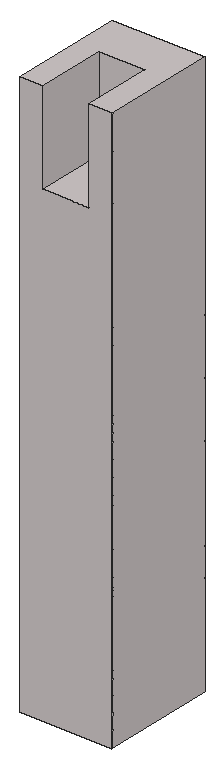
Revit family "b18c219086b04d30b62b365025c9cd3b", category Structural Columns, Revit 2021
Family settings
  Display in Hidden Views = Edges Hidden by Other Members
  Section Shape = Not Defined
  Material for Model Behavior = Precast Concrete
  Always export as geometry = No
  Beam cutback in plan = From bounding box
  OmniClass Number = 23.25.30.11.14.11
  OmniClass Title = Columns
  Seek Item ID = Precast-Rectangular Column with Rectangular Fork bearing-0000-USA-ENU
  Cut with Voids When Loaded = No
  Symbolic Representation = From Family
  Shared = No
  Show family pre-cut in plan views = Yes
Parameters (values of type "16"x20"-Seat Cut")
  TransChamfer = if(Chamfer = 0' 0", 0' 0.07874", Chamfer)  # 0' - 0.07874"
  Tie Rod Weight [instance] = 30
  Tie Rod W [instance] = (Tie Rod Weight) * 2.20313 kip / 1000  # 0.0660938 kip
  Structural Material [instance] = Concrete, Precast
  Single Rebar Weight [instance] = 50
  Single Rebar W [instance] = (Single Rebar Weight * 2.20313 kip) / 1000  # 0.110156 kip
  Seat Depth 1 [instance] = if(Seat Cut Through, h, Seat Depth)  # 1' - 0"
  Seat Depth [instance] = 1' - 0"
  Seat Height [instance] = 1' - 4"
  Seat Width [instance] = 0' - 8"
  Seat Cut Through = no
  Rebar Grids Weight [instance] = 100
  Rebar Grids W [instance] = (Rebar Grids Weight * 2.20313 kip) / 1000  # 0.220313 kip
  b = 1' - 4"
  h = 1' - 8"
  Chamfer = 0' - 0"
Types (3): name | Seat Depth 1 | Seat Cut Through | b | h
  (no name) | 1' - 0" | no | 1' - 4" | 1' - 8"
  12"x16"-Seat Cut-Through | 1' - 4" | yes | 1' - 0" | 1' - 4"
  16"x20"-Seat Cut | 1' - 0" | no | 1' - 4" | 1' - 8"
Reference planes (in)
  plane 1 "Center (Front/Back)": y = 0
  plane 2: z = 0
  plane 3 "Center (Left/Right)": x = 0
  plane 4: x = -8
  plane 5: x = 8
  plane 6: y = 10
  plane 7: y = -10
  plane 8: z = 82.4252
  plane 9: y = 2
  plane 10: x = -4
  plane 11: x = 4
  plane 12: y = 9.92126
  plane 13: x = 8
  plane 14: x = -8
  plane 15: y = -9.92126
Forms (in)
  Extrusion 1, solid, material "Concrete, Precast" <- "Structural Material"
    sketch origin (0, 0, 0) x (1, 0, 0) y (0, 1, 0)
      loop
        line (-8, 10) -> (-8, 9.92126) -> (-8, -9.92126) -> (-8, -10) -> (8, -10) -> (8, -9.92126) -> (8, 9.92126) -> (8, 10) -> (-8, 10)
    from 0 to 98.4252
  Extrusion 2, void
    sketch origin (0, 0, 0) x (1, 0, 0) y (0, 1, 0)
      loop
        line (-4, 2) -> (-4, -10) -> (4, -10) -> (4, 2) -> (-4, 2)
    from 82.4252 to 98.4252
Cuts and joins
  Extrusion 2 cuts Extrusion 1
Dimensions and locks (in)
  equal spacing: plane 4, plane 3 "Center (Left/Right)", plane 5
  equal spacing: plane 7, plane 1 "Center (Front/Back)", plane 6
  "h": plane 7 to plane 6
  "b": plane 4 to plane 5
  "Seat Height": level to plane 8
  "Seat Depth 1": plane 9 to plane 7
  equal spacing: plane 10, plane 3 "Center (Left/Right)", plane 11
  "Seat Width": plane 10 to plane 11
  "TransChamfer": plane 7 to plane 15
  "Chamfer": plane 4 to plane 14
  "Chamfer": plane 13 to plane 5
  "TransChamfer": plane 12 to plane 6
  aligned and locked: plane 6 to Extrusion 1 sketch curve
  aligned and locked: Extrusion 1 sketch curve to plane 7
  aligned and locked: Extrusion 1 sketch curve to plane 4
  aligned and locked: plane 5 to Extrusion 1 sketch curve
  aligned and locked: level to Extrusion 1
  aligned and locked: level to plane 2
  aligned and locked: Extrusion 1 to plane 2
  aligned and locked: plane 10 to Extrusion 2 sketch curve
  aligned and locked: Extrusion 2 sketch curve to plane 9
  aligned and locked: plane 7 to Extrusion 2 sketch curve
  aligned and locked: Extrusion 2 sketch curve to plane 11
  aligned and locked: level to Extrusion 2
  aligned and locked: Extrusion 2 to plane 8
  aligned and locked: plane 12 to Extrusion 1 sketch curve  (x2)
  aligned and locked: plane 13 to Extrusion 1 sketch curve  (x2)
  aligned and locked: plane 15 to Extrusion 1 sketch curve  (x2)
  aligned and locked: plane 14 to Extrusion 1 sketch curve  (x2)
